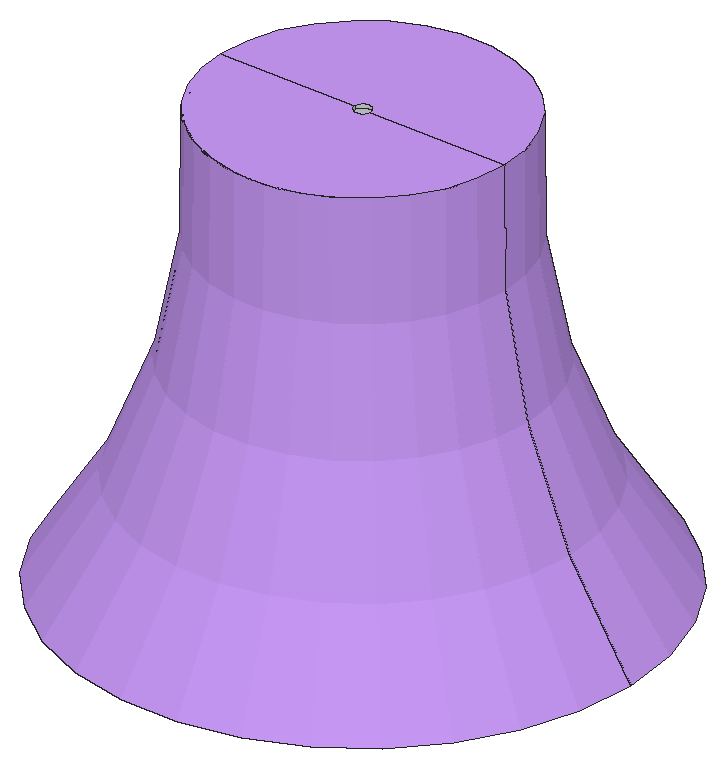
Revit family "PEV SHADE", category Lighting Fixtures, Revit 2024
Family settings
  Round Connector Dimension = Use Diameter
  Part Type = Normal
  OmniClass Number = 23.80.70.00
  OmniClass Title = Lighting
  Work Plane-Based = No
  Always vertical = Yes
  Cut with Voids When Loaded = No
  Light Source = Yes
  Maintain Annotation Orientation = No
  Shared = No
  Room Calculation Point = No
Parameters
  Wattage = 12.1178 W
  built-in parameter 1150110 = 1 (stored number, unit not read)
  built-in parameter 1114217 = 1 (stored number, unit not read)
  built-in parameter 1150109 = 1 (stored number, unit not read)
  built-in parameter 1150134 = (empty or 0)
  built-in parameter 1150113 = 1 (stored number, unit not read)
  Lumens = 1800 lm
  built-in parameter 1150115 = 1 (stored number, unit not read)
  built-in parameter 1150105 = 572.96 (stored number, unit not read)
  Light Source Symbol Size = 2' - 0"
  built-in parameter 1150137 = (empty or 0)
  built-in parameter 1150139 = (empty or 0)
  built-in parameter 1150112 = 1 (stored number, unit not read)
  built-in parameter 1150114 = 1 (stored number, unit not read)
  built-in parameter 1150132 = 2
  built-in parameter 1150102 = (empty or 0)
  built-in parameter 1150138 = (empty or 0)
  built-in parameter 1150107 = 3000 (stored number, unit not read)
  built-in parameter 1150106 = 5.7296 (stored number, unit not read)
  built-in parameter 1150104 = 13.8 (stored number, unit not read)
  Dimming Lamp Color Temperature Shift = (empty or 0)
  Default Elevation = 0' - 0"
  Color Filter = 16777215
  built-in parameter 1114218 = 1 (stored number, unit not read)
  built-in parameter 1150133 = 10 (stored number, unit not read)
Reference planes (in)
  plane 1 "Light Source Axis (F/B)": y = 0
  plane 2: z = 0
  plane 3 "Light Source Axis (L/R)": x = 0
  plane 4 "Light Source Elevation": z = 84
Forms (in)
  Revolve 1, solid
    sketch origin (0, 0, 0) x (1, 0, 0) y (0, 0, 1)
      loop
        line (-0.25, 97) -> (-4.375, 97)
        arc (-4.375, 97) -> (-5.06817, 90.12909) -> (-8.25, 84) r 18.36438
        line (-8.25, 84) -> (-2.75, 84) -> (-2.75, 84.09375) -> (-8.0579, 84.09375)
        arc (-8.0579, 84.09375) -> (-4.9655, 90.14554) -> (-4.27284, 96.90625) r 18.45813
        line (-4.27284, 96.90625) -> (-0.25, 96.90625) -> (-0.25, 97)
      axis (0, 97) -> (0, 84)
    angle from 0 to 360
Dimensions and locks (in)
  aligned and locked: plane 3 "Light Source Axis (L/R)" to imposter light
  aligned and locked: plane 1 "Light Source Axis (F/B)" to imposter light
  aligned and locked: plane 4 "Light Source Elevation" to imposter light
  aligned and locked: level to plane 2
